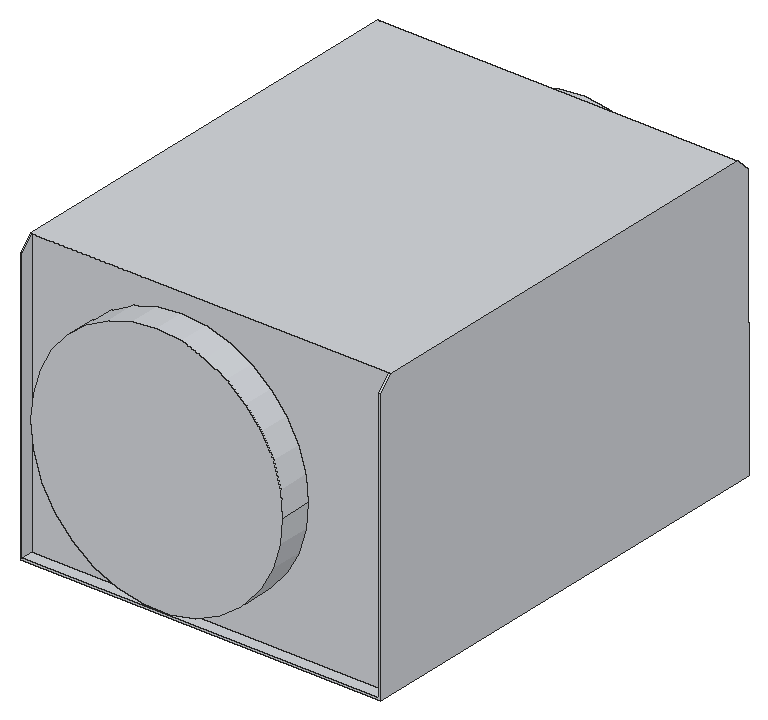
Revit family "CADS_Vent-Axia_MechEquip_Fan_ACQ - EXTRACT", category Mechanical Equipment, host Face, Revit 2020
Family settings
  Host = Face
  Round Connector Dimension = Use Diameter
  Classification = None
  Part Type = Normal
  OmniClass Number = 23.75.35.17.11
  OmniClass Title = Fans for Air Ductwork
  Cut with Voids When Loaded = No
  Shared = No
  Room Calculation Point = No
Parameters (values of type "ACQ40014D")
  WorkingPressure = 0.0 Pa
  WarrantyStartDate [instance] = "1900-12-31T23:59:59"
  WarrantyPeriod = ""
  WarrantyIdentifier = "N/A"
  WarrantyGuarantorParts = ""
  WarrantyGuarantorLabor = ""
  WarrantyGuarantor = ""
  WarrantyEndDate [instance] = "1900-12-31T23:59:59"
  WarrantyContent = ""
  W = 0 mm
  Type Image = CADS_Vent-Axia_MechEquip_Fan_ACQ.jpg
  TemperatureRange = ""
  TagNumber [instance] = "N/A"
  SustainabilityPerformance = ""
  Status = "New"
  SpigotLength = 0 mm
  SpigotCLHeight = 226.125 mm
  Size = "730mm x572mm x456mm"
  Shape = ""
  ServiceLifeType = ""
  ServiceLifeDuration = ""
  SerialNumber [instance] = "N/A"
  ReplacementCost = ""
  RatedVoltage = 0 V
  RatedCurrent = 0 A
  Quantity = 1
  ProductionYear = ""
  PressureCurve = ""
  PowerFactor = ""
  PointOfContact = ""
  OverallLength = 0 mm
  OutOffset = 45 mm
  NumberOfPoles = 0
  NominalWidth = 572 mm
  NominalLength = 730 mm
  NominalHeight = 456 mm
  NominalFrequencyRange = ""
  NominalDiameter = 400 mm
  ModelReference = "ACOUSTIC BOX FAN, 400 DIA SPIGOTS"
  ModelNumber = "ACQ40014D"
  Material = ""
  ManufacturerE-Mail = "tech@vent-axia.com"
  ManufacturerAddress = "Fleming Way\nCrawley \nRH10 9YX"
  L = NominalLength - 40 mm  # 690 mm
  IsExtendedWarranty = no
  InsulationStandardClass = ""
  InstallationDate [instance] = "1900-12-31T23:59:59"
  IfcExportType [instance] = ""
  IfcExportAs [instance] = "IfcFanType"
  IP_Code = ""
  HasProtectiveEarth = no
  H = 0 mm
  GrossWeight = 0.00 kg
  Grade = ""
  GlobalTradeItemNumber [instance] = "N/A"
  Fitting Type = "Ignore"
  Finish = ""
  Features = ""
  ExteriorInsulation = no
  ExpectedServiceLife = 0
  Exclusions = ""
  EBVoffset = 257.4 mm
  EBHoffset = 105.5 mm
  DurationUnit = "Year"
  Default Elevation = 1219.2 mm
  Constituents = ""
  ConductorFunction = ""
  Color = ""
  CodePerformance = ""
  Category = ""
  CADS_Usage = 0
  CADS_Index = 0
  AssetType = "FIXED"
  AssetIdentifier [instance] = "N/A"
  AssemblyPlace = "UNKNOWN"
  ArticleNumber [instance] = "N/A"
  AirflowRateRange = 0.0 L/s
  Air Flow [instance] = 0.0 L/s
  AccessibilityPerformance = ""
Types (10, lengths in mm): name | SpigotCLHeight | Size | OutOffset | NominalWidth | NominalLength | NominalHeight | NominalDiameter | ModelReference | ModelNumber | L | EBVoffset | EBHoffset
  ACQ10012D | 93.75 | "400mm x310mm x190mm" | 61.875 | 310 | 400 | 190 | 100 | "ACOUSTIC BOX FAN, 100 DIA SPIGOTS" | "ACQ10012D" | 360 | 55 | 110
  ACQ12512D | 94.375 | "400mm x310mm x190mm" | 62.5 | 310 | 400 | 190 | 125 | "ACOUSTIC BOX FAN, 125 DIA SPIGOTS" | "ACQ12512D" | 360 | 49 | 109
  ACQ15012D | 93.75 | "400mm x310mm x190mm" | 50 | 310 | 400 | 190 | 150 | "ACOUSTIC BOX FAN, 150 DIA SPIGOTS" | "ACQ15012D" | 360 | 94.1 | 92
  ACQ16012D | 93.75 | "400mm x310mm x190mm" | 45 | 310 | 400 | 190 | 160 | "ACOUSTIC BOX FAN, 160 DIA SPIGOTS" | "ACQ16012D" | 360 | 49 | 109
  ACQ20012D | 140 | "455mm x364mm x285mm" | 55 | 364 | 455 | 285 | 200 | "ACOUSTIC BOX FAN, 200 DIA SPIGOTS" | "ACQ20012D" | 415 | 91.6 | 93
  ACQ25012D | 141.25 | "455mm x364mm x285mm" | 30 | 364 | 455 | 285 | 250 | "ACOUSTIC BOX FAN, 250 DIA SPIGOTS" | "ACQ25012D" | 415 | 91.6 | 92
  ACQ31512LD | 172.75 | "455mm x404mm x348mm" | 20 | 404 | 455 | 348 | 315 | "ACOUSTIC BOX FAN, 315 DIA SPIGOTS" | "ACQ31512LD" | 415 | 123.1 | 89.8
  ACQ31514HD | 226.75 | "730mm x572mm x456mm" | 42.5 | 572 | 730 | 456 | 315 | "ACOUSTIC BOX FAN, 315 DIA SPIGOTS" | "ACQ31514HD" | 690 | 257.4 | 105.5
  ACQ40014D | 226.125 | "730mm x572mm x456mm" | 45 | 572 | 730 | 456 | 400 | "ACOUSTIC BOX FAN, 400 DIA SPIGOTS" | "ACQ40014D" | 690 | 257.4 | 105.5
  ACQ50014D | 286.25 | "918mm x769mm x575mm" | 60 | 769 | 918 | 575 | 500 | "ACOUSTIC BOX FAN, 500 DIA SPIGOTS" | "ACQ50014D" | 878 | 392 | 240
Reference planes
  plane 1 "Center (Front/Back)": y = 0
  plane 2: z = 0
  plane 3 "Center (Left/Right)": x = 0
  plane 4 "Left Face": x = -286
  plane 5 "out face": y = -345
  plane 6 "right face": x = 286
  plane 7 "in face": y = 345
  plane 8: x = -45
  plane 9: z = 226.125
  plane 10 "top face": z = 456
  plane 11: y = -365
  plane 12: y = 365
  plane 13: x = 306
  plane 14: y = 438.348
  plane 15: y = -438.2
Forms (mm)
  Extrusion 1, solid
    sketch origin (0, 0, 0) x (1, 0, 0) y (0, 1, 0)
      loop
        line (-286, 345) -> (-286, -345) -> (286, -345) -> (286, 345) -> (-286, 345)
    from 0 to 456 <- "NominalHeight"
  Extrusion 2, solid
    sketch origin (-22.5, -345, -5) x (1, 0, 0) y (0, 0, 1)
      loop
        circle (-22.5, 231.125) r 200
    from 0 to 50
  Extrusion 3, solid
    sketch origin (0, 345, 0) x (1, 0, 0) y (0, 0, -1)
      loop
        circle (0, -226.125) r 200
    from 0 to 50
  Sweep 4, solid
    path origin (0, -345, 0) x (1, 0, 0) y (0, 0, 1)
      loop
        line (-286, 456) -> (-286, 0) -> (286, 0) -> (286, 456)
    profile origin (-286, -345, 228) x (0, -1, 0) y (1, 0, 0)
      loop
        line (0, 0) -> (20, 0) -> (20, 3) -> (0, 3) -> (0, 0)
  Sweep 5, solid
    path origin (0, 345, 0) x (1, 0, 0) y (0, 0, 1)
      loop
        line (286, 456) -> (286, 0) -> (-286, 0) -> (-286, 456)
    profile origin (286, 345, 228) x (0, 1, 0) y (-1, 0, 0)
      loop
        line (20, 3) -> (0, 3) -> (0, 0) -> (20, 0) -> (20, 3)
  Sweep 6, void
    path origin (0, 0, 456) x (1, 0, 0) y (0, 1, 0)
      loop
        line (-286, -365) -> (306, -365) -> (306, 365) -> (-286, 365)
    profile origin (10, -365, 456) x (0, 1, 0) y (0, 0, 1)
      loop
        line (20, 0) -> (0, 0) -> (0, -20) -> (20, 0)
Cuts and joins
  Sweep 6 cuts Extrusion 1
  Sweep 6 cuts Sweep 4
  Sweep 6 cuts Sweep 5
  joined: Extrusion 1, Sweep 4, Sweep 5
Lines and regions (mm)
  model lines
    curve 1: line (0, 0, 456) -> (0, 80, 456)
    curve 2: line (0, 0, 456) -> (-7.765, 28.978, 456)
    curve 3: line (0, 0, 456) -> (7.765, 28.978, 456)
  model lines, not visible
    curve 4: line (0, 0, 456) -> (0, 80, 456)
    curve 5: line (0, 0, 456) -> (-7.765, 28.978, 456)
    curve 6: line (0, 0, 456) -> (7.765, 28.978, 456)
Dimensions and locks
  "NominalWidth": plane 4 "Left Face" to plane 6 "right face"
  equal spacing: plane 4 "Left Face", plane 3 "Center (Left/Right)", plane 6 "right face"
  "L": plane 5 "out face" to plane 7 "in face"
  equal spacing: plane 5 "out face", plane 1 "Center (Front/Back)", plane 7 "in face"
  "OutOffset": plane 8 to plane 3 "Center (Left/Right)"
  "SpigotCLHeight": plane 9 to plane 2
  locked: Extrusion 2 sketch curve to plane 8
  Extrusion 3 sketch curve to plane 9 = 0 mm
  locked: Extrusion 2 sketch curve to plane 9
  "NominalHeight": level to plane 10 "top face"
  plane 5 "out face" to plane 11 = 20 mm
  plane 7 "in face" to plane 12 = 20 mm
  plane 6 "right face" to plane 13 = 20 mm
  plane 3 "Center (Left/Right)" to Extrusion 3 sketch curve = 0 mm
  plane 7 "in face" to nested 1 = 239.5 mm
  "EBHoffset": nested 1 to plane 1 "Center (Front/Back)"
  "EBVoffset": nested 1 to plane 2
  "NominalDiameter": diameter of Extrusion 2 sketch curve
  "NominalDiameter": diameter of Extrusion 3 sketch curve
  aligned and locked: plane 2 to host face
  aligned and locked: level to host face
  aligned and locked: Sweep 4 sketch curve to plane 6 "right face"
  aligned and locked: Sweep 4 sketch curve to plane 4 "Left Face"
  aligned and locked: Sweep 6 sketch curve to plane 12
  aligned and locked: plane 13 to Sweep 6 sketch curve
  aligned and locked: profile plane to Sweep 4 sketch curve
  aligned and locked: plane 11 to Sweep 4 sketch curve
  aligned and locked: plane 3 "Center (Left/Right)" to curve 1
  aligned and locked: plane 1 "Center (Front/Back)" to curve 3
Automatic sketch dimensions
  host sketch curve to host sketch curve = 2438.4 mm  (x2)
  Extrusion 1 sketch curve to plane 4 "Left Face" = 0 mm
  Extrusion 1 sketch curve to plane 5 "out face" = 0 mm
  Extrusion 1 sketch curve to plane 6 "right face" = 0 mm
  plane 7 "in face" to Extrusion 1 sketch curve = 0 mm
  profile plane to Sweep 4 sketch curve = 0 mm
  Sweep 4 sketch curve to profile plane = 3 mm
  Sweep 5 sketch curve to profile plane = 3 mm
  plane 7 "in face" to Sweep 5 sketch curve = 20 mm
  profile plane to Sweep 5 sketch curve = 0 mm
  Sweep 5 sketch curve to Sweep 5 sketch curve = 20 mm
  Sweep 6 sketch curve to plane 4 "Left Face" = 0 mm  (x2)
  Sweep 6 sketch curve to plane 11 = 0 mm
  Sweep 6 sketch curve to plane 10 "top face" = 0 mm
  Sweep 6 sketch curve to profile plane = 0 mm
  Sweep 6 sketch curve to Sweep 6 sketch curve = 20 mm  (x2)
  Sweep 4 sketch curve to level = 0 mm
  Sweep 4 sketch curve to plane 10 "top face" = 0 mm  (x2)
  Sweep 5 sketch curve to level = 0 mm
  Sweep 5 sketch curve to plane 4 "Left Face" = 0 mm
  plane 6 "right face" to Sweep 5 sketch curve = 0 mm
  Sweep 5 sketch curve to plane 10 "top face" = 0 mm  (x2)
Nested families
  nested 1: "Electrical Connection Box" at (-286, 105.5, 257.4) x (0, -1, 0) z (-1, 0, 0), type "Electrical Connection Box"
Connectors
  hvac at (-45, -395, 226.125), driven by "NominalDiameter", driven by "Air Flow"
    settings: on Extrusion 2, index 1, duct flow 0.0 L/s, flow factor 0, pres drop 0.0 Pa, loss coef 0, conn angle 0.00°, conn width 304.8 mm, conn height 304.8 mm, conn diameter 400 mm, duct sys type 3, conn prof type 0, flow config 1, flow direction 2, loss method 0, conn ref index -1, conn util no, is conn primary yes, conn desc ""
  hvac at (0, 395, 226.125), driven by "NominalDiameter", driven by "Air Flow"
    settings: on Extrusion 3, index 2, duct flow 0.0 L/s, flow factor 0, pres drop 0.0 Pa, loss coef 0, conn angle 0.00°, conn width 304.8 mm, conn height 304.8 mm, conn diameter 400 mm, duct sys type 2, conn prof type 0, flow config 0, flow direction 1, loss method 0, conn ref index -1, conn util no, is conn primary no, conn desc ""
Definition of nested family "Electrical Connection Box"
  Parameters (values of type "Electrical Connection Box")
    Default Elevation = 1219.2 mm
  Reference planes
    plane 1 "Center (Front/Back)": y = 0
    plane 2: z = 0
    plane 3 "Center (Left/Right)": x = 0
    plane 4: y = 42
    plane 5: x = 62.5
  Forms (mm)
    Extrusion 1, solid
      sketch origin (0, 0, 0) x (1, 0, 0) y (0, 1, 0)
        loop
          line (-1219.2, 1219.2) -> (-1219.2, -1219.2) -> (1219.2, -1219.2) -> (1219.2, 1219.2) -> (-1219.2, 1219.2)
      from 0 to -304.8
    Extrusion 2, solid
      sketch origin (-62.5, -42, 0) x (1, 0, 0) y (0, 1, 0)
        loop
          arc (12, 84) -> (3.515, 80.485) -> (0, 72) r 12
          line (0, 72) -> (0, 12)
          arc (0, 12) -> (3.515, 3.515) -> (12, 0) r 12
          line (12, 0) -> (113, 0)
          arc (113, 0) -> (121.485, 3.515) -> (125, 12) r 12
          line (125, 12) -> (125, 72)
          arc (125, 72) -> (121.485, 80.485) -> (113, 84) r 12
          line (113, 84) -> (12, 84)
      from 0 to 45
    Extrusion 3, solid
      sketch origin (62.5, 55.228, -0.59) x (0, -1, 0) y (0, 0, -1)
        loop
          circle (38.228, -23.09) r 11
      from 0 to 3
    Extrusion 4, solid
      sketch origin (181.936, -42, 22.909) x (-1, 0, 0) y (0, 0, -1)
        loop
          circle (154.436, 0.409) r 11
      from 0 to 3
    Extrusion 5, solid
      sketch origin (121.936, -42, 22.909) x (-1, 0, 0) y (0, 0, -1)
        loop
          circle (154.436, 0.409) r 11
      from 0 to 3
  Dimensions and locks
    aligned and locked: plane 2 to Extrusion 1
    aligned and locked: level to Extrusion 1
